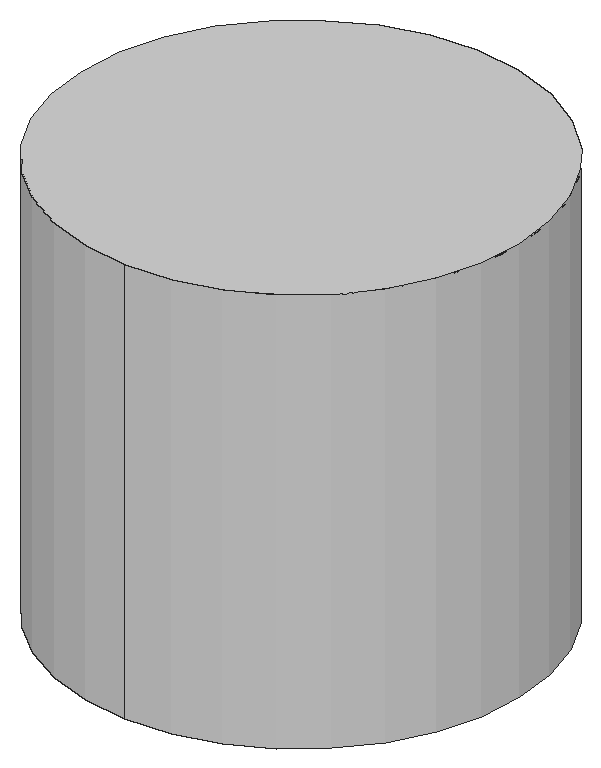
Revit family "Lum_Teto_Spot_Spor", category Lighting Fixtures, host Ceiling, Revit 2025
Family settings
  Host = Ceiling
  Round Connector Dimension = Use Diameter
  Part Type = Normal
  OmniClass Number = 23.80.70.11
  OmniClass Title = Luminaries for Internal Lighting
  Always vertical = Yes
  Cut with Voids When Loaded = No
  Light Source = Yes
  Maintain Annotation Orientation = No
  Shared = No
  Room Calculation Point = No
Parameters (values of type "Luminária_Spot_Sobrepor")
  Wattage = 9.2903 W
  built-in parameter 1150110 = 1 (stored number, unit not read)
  built-in parameter 1114217 = 1 (stored number, unit not read)
  built-in parameter 1150109 = 1 (stored number, unit not read)
  Lumi_Material = CT_Luminaria
  Lumi_Raio_Interno = Lumi_Raio - 10 mm  # 44 mm
  Lumi_Raio = 54 mm
  Lumi_Altura = 100 mm
  Default Elevation = 0 mm
  built-in parameter 1150134 = (empty or 0)
  built-in parameter 1150113 = 1 (stored number, unit not read)
  Lumens = 1380 lm
  built-in parameter 1150115 = 1 (stored number, unit not read)
  built-in parameter 1150105 = 439.27 (stored number, unit not read)
  Light Source Symbol Size = Lumi_Raio_Interno * 2  # 88 mm
  built-in parameter 1150137 = (empty or 0)
  built-in parameter 1150139 = (empty or 0)
  built-in parameter 1150112 = 1 (stored number, unit not read)
  built-in parameter 1150114 = 1 (stored number, unit not read)
  built-in parameter 1150132 = 2
  built-in parameter 1150102 = (empty or 0)
  built-in parameter 1150138 = (empty or 0)
  built-in parameter 1150107 = 3000 (stored number, unit not read)
  built-in parameter 1150106 = 4.3927 (stored number, unit not read)
  built-in parameter 1150104 = 13.8 (stored number, unit not read)
  Dimming Lamp Color Temperature Shift = <None>
  Color Filter = 16777215
  built-in parameter 1114218 = 1 (stored number, unit not read)
  built-in parameter 1150133 = 10 (stored number, unit not read)
Reference planes
  plane 1 "Eixo de origem da luz (F/T)": y = 0
  plane 2: z = 0
  plane 3 "Eixo de origem da luz (E/D)": x = 0
  plane 4 "Forro": z = 4000
  plane 5 "Elevação da origem da luz": z = 3900
Forms (mm)
  Extrusion 1, solid, material "CT_Luminaria" <- "Lumi_Material"
    sketch origin (0, 0, 4000) x (0, 1, 0) y (-1, 0, 0)
      loop
        circle (0, 0) r 54
    from 0 to -100
  Extrusion 2, void
    sketch origin (0, 0, 4000) x (0, 1, 0) y (-1, 0, 0)
      loop
        circle (0, 0) r 44
    from -8.585 to -100
Cuts and joins
  Extrusion 2 cuts Extrusion 1
Dimensions and locks
  equal spacing: host sketch curve, plane 3 "Eixo de origem da luz (E/D)", host sketch curve
  equal spacing: host sketch curve, plane 1 "Eixo de origem da luz (F/T)", host sketch curve
  host sketch curve to host sketch curve = 4000 mm  (x2)
  plane 4 "Forro" to host ceiling = 0 mm
  "Lumi_Altura": plane 5 "Elevação da origem da luz" to plane 4 "Forro"
  "Lumi_Raio": radius of Extrusion 1 sketch curve
  "Lumi_Raio_Interno": radius of Extrusion 2 sketch curve
  aligned and locked: plane 3 "Eixo de origem da luz (E/D)" to imposter light
  aligned and locked: plane 1 "Eixo de origem da luz (F/T)" to imposter light
  aligned and locked: plane 5 "Elevação da origem da luz" to imposter light
  aligned and locked: plane 5 "Elevação da origem da luz" to Extrusion 1
  aligned and locked: Extrusion 2 to imposter light
Automatic sketch dimensions
  plane 1 "Eixo de origem da luz (F/T)" to Extrusion 2 sketch curve = 0 mm
  Extrusion 2 sketch curve to plane 3 "Eixo de origem da luz (E/D)" = 0 mm
  plane 1 "Eixo de origem da luz (F/T)" to Extrusion 1 sketch curve = 0 mm
  Extrusion 1 sketch curve to plane 3 "Eixo de origem da luz (E/D)" = 0 mm
